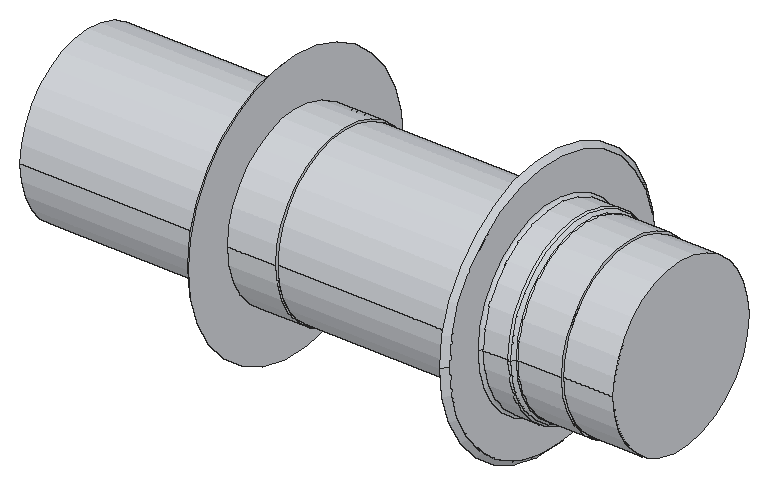
Revit family "Holyoake - LR Fire Damper", category Duct Accessories, Revit 2018
Family settings
  Round Connector Dimension = Use Diameter
  Part Type = Breaks Into
  Work Plane-Based = No
  Always vertical = No
  Cut with Voids When Loaded = No
  Shared = No
Parameters (values of type "FO")
  Wall Thickness Parametric [instance] = if(Wall Thickness > Wall Thickness Maximum, Wall Thickness Maximum, Wall Thickness)  # 180 mm
  Wall Thickness Maximum = 295 mm
  Wall Thickness [instance] = 180 mm
  Wall Penetration Minimum [instance] = if(Diameter = 100 mm, 130 mm, if(Diameter = 125 mm, 130 mm, if(Diameter = 150 mm, 155 mm, if(Diameter = 200 mm, 205 mm, if(Diameter = 250 mm, 255 mm, 177 mm)))))  # 130 mm
  Wall Penetration Maximum [instance] = if(Diameter = 100 mm, 138 mm, if(Diameter = 125 mm, 138 mm, if(Diameter = 150 mm, 163 mm, if(Diameter = 200 mm, 213 mm, if(Diameter = 250 mm, 263 mm, 177 mm)))))  # 138 mm
  URL = "http://www.holyoake.com"
  Product Code [instance] = if(and(Diameter = 100 mm, and(Fire Smoke Actuator, Heat Shield)), "LR100FSH", if(and(Diameter = 100 mm, and(Fire Smoke Actuator, not(Heat Shield))), "LR100FSO", if(and(Diameter = 100 mm, and(not(Fire Smoke Actuator), Heat Shield)), "LR100FH", if(and(Diameter = 100 mm, and(not(Fire Smoke Actuator), not(Heat Shield))), "LR100FO", if(and(Diameter = 125 mm, and(Fire Smoke Actuator, Heat Shield)), "LR125FSH", if(and(Diameter = 125 mm, and(Fire Smoke Actuator, not(Heat Shield))), "LR125FSO", if(and(Diameter = 125 mm, and(not(Fire Smoke Actuator), Heat Shield)), "LR125FH", if(and(Diameter = 125 mm, and(not(Fire Smoke Actuator), not(Heat Shield))), "LR125FO", if(and(Diameter = 150 mm, and(Fire Smoke Actuator, Heat Shield)), "LR150FSH", if(and(Diameter = 150 mm, and(Fire Smoke Actuator, not(Heat Shield))), "LR150FSO", if(and(Diameter = 150 mm, and(not(Fire Smoke Actuator), Heat Shield)), "LR150FH", if(and(Diameter = 150 mm, and(not(Fire Smoke Actuator), not(Heat Shield))), "LR150FO", if(and(Diameter = 200 mm, and(Fire Smoke Actuator, Heat Shield)), "LR200FSH", if(and(Diameter = 200 mm, and(Fire Smoke Actuator, not(Heat Shield))), "LR200FSO", if(and(Diameter = 200 mm, and(not(Fire Smoke Actuator), Heat Shield)), "LR200FH", if(and(Diameter = 200 mm, and(not(Fire Smoke Actuator), not(Heat Shield))), "LR200FO", if(and(Diameter = 250 mm, and(Fire Smoke Actuator, Heat Shield)), "LR250FSH", if(and(Diameter = 250 mm, and(Fire Smoke Actuator, not(Heat Shield))), "LR250FSO", if(and(Diameter = 250 mm, and(not(Fire Smoke Actuator), Heat Shield)), "LR250FH", if(and(Diameter = 250 mm, and(not(Fire Smoke Actuator), not(Heat Shield))), "LR250FO", "Unknown"))))))))))))))))))))  # "LR125FO"
  Material - Flange = none
  Material - Body = none
  Manufacturer = "Holyoake"  # constant formula
  Length = 425 mm
  Heat Shield = no
  Fire Smoke Actuator = no
  Diameter [instance] = 125 mm
  Description = "LR Fire / Combination Fire and Smoke Dampers"  # constant formula
  Component Diameter [instance] = if(Diameter = 100 mm, 96 mm, if(Diameter = 125 mm, 121 mm, if(Diameter = 150 mm, 146 mm, if(Diameter = 200 mm, 196 mm, if(Diameter = 250 mm, 246 mm, 177 mm)))))  # 121 mm
  Available Sizes [instance] = "100mm, 125mm, 150mm, 200mm & 250mm"  # constant formula
Types (5, lengths in mm): name | Wall Thickness Parametric | Wall Thickness Maximum | Wall Thickness | Wall Penetration Minimum | Wall Penetration Maximum | Product Code | Fire Smoke Actuator | Diameter | Component Diameter
  FSH | 180 | 295 | 180 | 130 | 138 | "LR100FO" | no | 100 | 96
  FSO | 210 | 210 | 349.712 | 130 | 138 | "LR100FSO" | yes | 100 | 96
  FH | 210 | 210 | 349.712 | 130 | 138 | "LR100FO" | no | 100 | 96
  FO | 180 | 295 | 180 | 130 | 138 | "LR125FO" | no | 125 | 121
  Holyoake LR | 210 | 210 | 349.712 | 155 | 163 | "LR150FO" | no | 150 | 146
Reference planes
  plane 1 "Center (Front/Back)": y = 0
  plane 2: z = 0
  plane 3 "Center (Left/Right)": x = 0
  plane 4: x = 180
  plane 5: x = -149
  plane 6: x = 276
  plane 7: x = 180
Forms (mm)
  Sweep 1, solid, material <- "Material - Body"
    path in 3D
      loop
        line (-149, 0, 0) -> (276, 0, 0)
    profile "Body Diameter : Type 1" origin (63.5, 0, 0) x (0, 1, 0) y (0, 0, 1)
      loop
        circle (0, 0) r 60.5
Lines and regions (mm)
  reference lines
    curve 1: line (-149, 0, 0) -> (276, 0, 0)
  sketch lines
    curve 2: line (-149, 0, 0) -> (276, 0, 0)
Dimensions and locks
  "Wall Thickness Parametric": plane 3 "Center (Left/Right)" to plane 4
  locked: plane 5 to plane 3 "Center (Left/Right)" at 149
  "Length": plane 5 to plane 6
  "Wall Thickness": plane 3 "Center (Left/Right)" to plane 7
  aligned and locked: level to plane 2
  aligned and locked: nested 2 to plane 1 "Center (Front/Back)"
  aligned and locked: plane 2 to nested 2
Automatic sketch dimensions
  plane 1 "Center (Front/Back)" to curve 1 = 0 mm
  curve 1 to plane 5 = 0 mm
  curve 1 to plane 6 = 0 mm
Nested families
  nested 1: "Wall Side 1" at (0, 0, 0) x (0, 1, 0) z (-1, 0, 0), type "Wall Side 1"
  nested 2: "Wall Side 2" at (180, 0, 0) x (0, 1, 0) z (-1, 0, 0), type "Wall Side 2"
Connectors
  hvac at (-149, 0, 0), driven by "Diameter"
    settings: on Sweep 1, index 1, duct flow 0.0 L/s, flow factor 0, pres drop 0.0 Pa, loss coef 0, conn angle 0.00°, conn width 304.8 mm, conn height 304.8 mm, conn diameter 125 mm, duct sys type 29, conn prof type 0, flow config 0, flow direction 0, loss method 0, conn ref index -1, conn util no, is conn primary yes, conn desc ""
  hvac at (276, 0, 0), driven by "Diameter"
    settings: on Sweep 1, index 2, duct flow 0.0 L/s, flow factor 0, pres drop 0.0 Pa, loss coef 0, conn angle 0.00°, conn width 304.8 mm, conn height 304.8 mm, conn diameter 125 mm, duct sys type 29, conn prof type 0, flow config 0, flow direction 0, loss method 0, conn ref index -1, conn util no, is conn primary no, conn desc ""
Definition of nested family "Wall Side 1"
  Parameters (values of type "Wall Side 1")
    Material = none
    Diameter = 120 mm
    Default Elevation = 1219.2 mm
  Reference planes
    plane 1 "Center (Front/Back)": y = 0
    plane 2: z = 0
    plane 3 "Center (Left/Right)": x = 0
    plane 4: x = -60
    plane 5: x = 60
    plane 6: y = 60
    plane 7: y = -60
  Forms (mm)
    Sweep 1, solid, material <- "Material"
      path in 3D
        loop
          arc (-60, 0, 0) -> (0, -60, 0) -> (60, 0, 0) r 60
          arc (60, 0, 0) -> (0, 60, 0) -> (-60, 0, 0) r 60
      profile "Collar : Collar" origin (0, 60, 0) x (0, -1, 0) y (0, 0, 1)
        loop
          line (0, 3.77) -> (-30.77, 3.77)
          arc (-30.77, 3.77) -> (-31.439, 3.637) -> (-32.006, 3.259) r 1.75
          line (-32.006, 3.259) -> (-35.265, 0) -> (-1.225, 0) -> (-1.225, -35.235) -> (0, -35.235) -> (0, 3.77)
  Lines and regions (mm)
    reference lines
      curve 1: circle (0, 0, 0) r 60 normal (0, 0, 1)
    sketch lines
      curve 2: circle (0, 0, 0) r 60 normal (0, 0, 1)
  Dimensions and locks
    equal spacing: plane 4, plane 3 "Center (Left/Right)", plane 5
    equal spacing: plane 6, plane 1 "Center (Front/Back)", plane 7
    "Diameter": plane 6 to plane 7
    "Diameter": plane 4 to plane 5
    "Diameter": diameter of curve 1
    aligned and locked: level to plane 2
    aligned and locked: plane 3 "Center (Left/Right)" to curve 1
    aligned and locked: plane 1 "Center (Front/Back)" to curve 1
Definition of nested family "Wall Side 2"
  Parameters (values of type "Wall Side 2")
    Material = none
    Diameter = 120 mm
    Default Elevation = 1219.2 mm
  Reference planes
    plane 1 "Center (Front/Back)": y = 0
    plane 2: z = 0
    plane 3 "Center (Left/Right)": x = 0
    plane 4: x = -60
    plane 5: x = 60
    plane 6: y = 60
    plane 7: y = -60
  Forms (mm)
    Sweep 1, solid, material <- "Material"
      path in 3D
        loop
          arc (-60, 0, 0) -> (0, -60, 0) -> (60, 0, 0) r 60
          arc (60, 0, 0) -> (0, 60, 0) -> (-60, 0, 0) r 60
      profile "Collar2 : Collar2" origin (0, 60, 0) x (0, -1, 0) y (0, 0, 1)
        loop
          line (0, 0) -> (-35.265, 0) -> (-31.509, -3.757) -> (-6.481, -3.757)
          arc (-6.481, -3.757) -> (-4.887, -4.414) -> (-4.226, -6.007) r 2.251
          line (-4.226, -6.007) -> (-4.226, -23.962)
          arc (-4.226, -23.962) -> (-4.055, -24.824) -> (-3.567, -25.554) r 2.251
          line (-3.567, -25.554) -> (-1.665, -27.456)
          arc (-1.665, -27.456) -> (-1.34, -27.943) -> (-1.225, -28.517) r 1.5
          line (-1.225, -28.517) -> (-1.225, -60.026) -> (0, -60.026) -> (0, 0)
  Lines and regions (mm)
    reference lines
      curve 1: circle (0, 0, 0) r 60 normal (0, 0, 1)
    sketch lines
      curve 2: circle (0, 0, 0) r 60 normal (0, 0, 1)
  Dimensions and locks
    equal spacing: plane 4, plane 3 "Center (Left/Right)", plane 5
    equal spacing: plane 6, plane 1 "Center (Front/Back)", plane 7
    "Diameter": plane 6 to plane 7
    "Diameter": plane 4 to plane 5
    "Diameter": diameter of curve 1
    aligned and locked: level to plane 2
    aligned and locked: plane 3 "Center (Left/Right)" to curve 1
    aligned and locked: plane 1 "Center (Front/Back)" to curve 1
